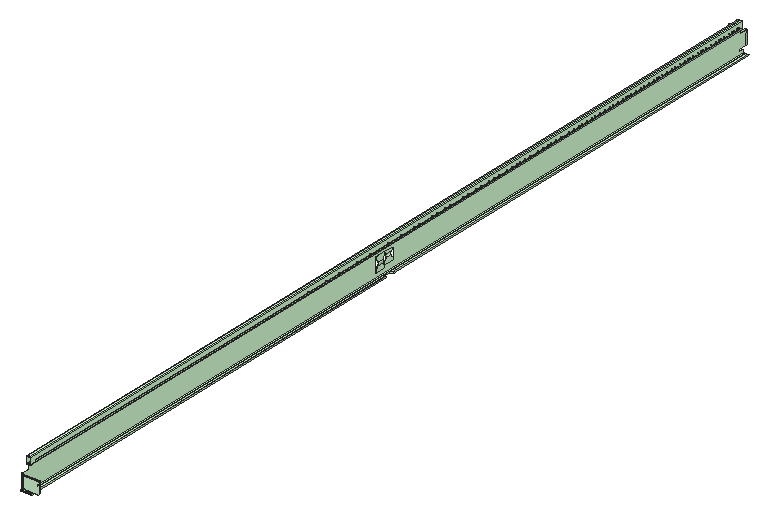
Revit family "et4015_maincross_600", category 機械設備, Revit 2022
Family settings
  丸型コネクタ寸法 = 直径を使用
  種別 = なし
  パーツ タイプ = 標準
  作業面ベース = いいえ
  常に垂直 = はい
  ロード時にボイドで切り取り = いいえ
  注釈の向きを維持 = いいえ
  共有 = いいえ
  部屋計算ポイント = いいえ
Parameters
  製造元 = "株式会社桐井製作所"
  既定の高さ = 0 mm
  URL = "https://www.kirii.co.jp/"
  K_長さ(mm) = 1200 mm
  K_材質 = "溶融亜鉛めっき鋼板及び鋼帯SGCC 一般用　カラー鋼板"
  K_品名 = "eTバー4015メインクロス(600グリッド用)"
  K_名称 = "Tバー"
  K_入数 = "40"
  K_バージョン情報 = "20220411"
  K_めっき付着量 = "JIS G 3302 Z12、カラー鋼板　塗装膜厚20μ(白色)"
  K_JIS規格 = "JIS G 3302"
Reference planes
  plane 1 "中心(正面/背面)": y = 0
  plane 2: z = 0
  plane 3 "中心(左/右)": x = 0
  plane 4: y = 1200
Forms (mm)
  Extrusion 1, solid
    sketch origin (0, -1320, 7.1) x (-1, 0, 0) y (0, 0, 1)
      loop
        arc (0.4, 24.899) -> (0.715, 25.363) -> (1.263, 25.242) r 0.5
        arc (1.263, 25.242) -> (1.627, 24.916) -> (2.1, 24.799) r 1.011
        arc (2.1, 24.799) -> (2.736, 25.062) -> (3, 25.699) r 0.9
        line (3, 25.699) -> (3, 33.799)
        arc (3, 33.799) -> (2.473, 34.679) -> (1.448, 34.633) r 1
        line (1.448, 34.633) -> (0, 33.681) -> (-1.448, 34.633)
        arc (-1.448, 34.633) -> (-2.473, 34.679) -> (-3, 33.799) r 1
        line (-3, 33.799) -> (-3, 25.699)
        arc (-3, 25.699) -> (-2.736, 25.062) -> (-2.1, 24.799) r 0.9
        arc (-2.1, 24.799) -> (-1.627, 24.916) -> (-1.263, 25.242) r 1.011
        arc (-1.263, 25.242) -> (-0.715, 25.363) -> (-0.4, 24.899) r 0.5
        line (-0.4, 24.899) -> (-0.4, -5.442)
        arc (-0.4, -5.442) -> (-0.717, -6.207) -> (-1.483, -6.525) r 1.083
        line (-1.483, -6.525) -> (-4, -6.26) -> (-5.807, -6.26) -> (-6.519, -5.891)
        arc (-6.519, -5.891) -> (-7.477, -6.278) -> (-6.85, -7.1) r 0.65
        line (-6.85, -7.1) -> (6.85, -7.1)
        arc (6.85, -7.1) -> (7.477, -6.278) -> (6.519, -5.891) r 0.65
        line (6.519, -5.891) -> (5.807, -6.26) -> (4, -6.26) -> (1.483, -6.525)
        arc (1.483, -6.525) -> (0.717, -6.207) -> (0.4, -5.441) r 1.083
        line (0.4, -5.441) -> (0.4, 24.899)
      loop
        arc (-1.668, 34.298) -> (-2.283, 34.327) -> (-2.6, 33.799) r 0.6
        line (-2.6, 33.799) -> (-2.6, 25.699)
        arc (-2.6, 25.699) -> (-2.302, 25.241) -> (-1.763, 25.329) r 0.5
        line (-1.763, 25.329) -> (-1.063, 25.784)
        arc (-1.063, 25.784) -> (-0.324, 25.59) -> (0, 24.899) r 0.9
        arc (0, 24.899) -> (0.324, 25.59) -> (1.063, 25.784) r 0.9
        line (1.063, 25.784) -> (1.763, 25.329)
        arc (1.763, 25.329) -> (2.302, 25.241) -> (2.6, 25.699) r 0.5
        line (2.6, 25.699) -> (2.6, 33.799)
        arc (2.6, 33.799) -> (2.283, 34.327) -> (1.668, 34.298) r 0.6
        line (1.668, 34.298) -> (0.549, 33.563)
        arc (0.549, 33.563) -> (0, 33.399) -> (-0.549, 33.563) r 1
        line (-0.549, 33.563) -> (-1.668, 34.298)
    from 1320 to 2520
  Extrusion 2, void
    sketch origin (0.4, 300, 31.85) x (0, 0, 1) y (0, 1, 0)
      loop
        line (-5.5, 284.4) -> (-5.5, 315.6) -> (-23.1, 315.6) -> (-23.1, 284.4) -> (-5.5, 284.4)
    from 0 to 0.8
  Extrusion 3, void
    sketch origin (0, 2112.859, 0) x (-1, 0, 0) y (0, -1, 0)
      loop
        line (8.021, 1505.493) -> (8.021, 1520.226) -> (3.318, 1516.682) -> (3.318, 1509.037) -> (8.021, 1505.493)
    from 0 to 1.552
  Extrusion 4, void
    sketch origin (0, 2112.859, 0) x (1, 0, 0) y (0, 1, 0)
      loop
        line (8.021, -1505.493) -> (3.318, -1509.037) -> (3.318, -1516.682) -> (8.021, -1520.226) -> (8.021, -1505.493)
    from 0 to 1.552
  Extrusion 5, void
    sketch origin (0, 0, 0) x (0, 1, 0) y (0, 0, 1)
      loop
        line (5, 41.941) -> (0, 41.941) -> (0, 25.737) -> (5, 25.737) -> (5, 41.941)
    from -3 to 3
  Extrusion 6, solid
    sketch origin (-0.114, 0, 16.166) x (1, 0, 0) y (0, 1, 0)
      loop
        line (24.214, -7.2) -> (24.214, -6.4) -> (1.714, -6.4)
        arc (1.714, -6.4) -> (0.866, -6.049) -> (0.514, -5.2) r 1.2
        line (0.514, -5.2) -> (0.514, 0) -> (-0.286, 0) -> (-0.286, -5.2)
        arc (-0.286, -5.2) -> (0.3, -6.614) -> (1.714, -7.2) r 2
        line (1.714, -7.2) -> (24.214, -7.2)
    from -8.266 to 9.571
  Extrusion 7, void
    sketch origin (0, 0, -7.234) x (1, 0, 0) y (0, 0, 1)
      loop
        line (24.1, 26.599) -> (24.1, 28.599) -> (21.1, 28.599) -> (21.1, 26.599) -> (24.1, 26.599)
    from 6.4 to 7.2
  Extrusion 8, void
    sketch origin (0, 0, 0) x (0, 1, 0) y (0, 0, 1)
      loop
        line (6.9, 7.833) -> (0, 7.833) -> (0, 4.833) -> (6.9, 4.833) -> (6.9, 7.833)
    from -0.4 to 0.4
  Extrusion 9, void
    sketch origin (0, 1200, 0) x (0, -1, 0) y (0, 0, -1)
      loop
        line (5, -41.941) -> (5, -25.737) -> (0, -25.737) -> (0, -41.941) -> (5, -41.941)
    from -3 to 3
  Extrusion 10, void
    sketch origin (0, 1200, 0) x (0, -1, 0) y (0, 0, -1)
      loop
        line (6.9, -7.833) -> (6.9, -4.833) -> (0, -4.833) -> (0, -7.833) -> (6.9, -7.833)
    from -0.4 to 0.4
  Extrusion 11, solid
    sketch origin (0.114, 1200, 16.166) x (-1, 0, 0) y (0, -1, 0)
      loop
        line (24.214, -7.2) -> (24.214, -6.4) -> (1.714, -6.4)
        arc (1.714, -6.4) -> (0.866, -6.049) -> (0.514, -5.2) r 1.2
        line (0.514, -5.2) -> (0.514, 0) -> (-0.286, 0) -> (-0.286, -5.2)
        arc (-0.286, -5.2) -> (0.3, -6.614) -> (1.714, -7.2) r 2
        line (1.714, -7.2) -> (24.214, -7.2)
    from -8.266 to 9.571
  Extrusion 12, void
    sketch origin (0, 1200, -7.234) x (-1, 0, 0) y (0, 0, 1)
      loop
        line (24.1, 26.599) -> (24.1, 28.599) -> (21.1, 28.599) -> (21.1, 26.599) -> (24.1, 26.599)
    from 6.4 to 7.2
  Extrusion 13, void
    sketch origin (0, 1200, -8.099) x (-1, 0, 0) y (0, 0, 1)
      loop
        line (24.1, 15.999) -> (24.1, 17.999)
        arc (24.1, 17.999) -> (23.231, 17.237) -> (22.1, 16.999) r 2.28
        line (22.1, 16.999) -> (2.6, 16.999) -> (2.6, 15.999) -> (24.1, 15.999)
    from 6.4 to 7.2
  Extrusion 14, void
    sketch origin (0, 1213.6, -7.396) x (-1, 0, 0) y (0, 0, -1)
      loop
        line (2.6, -31.999) -> (2.6, -33.134) -> (24.1, -33.134) -> (24.1, -30.999)
        arc (24.1, -30.999) -> (23.807, -31.706) -> (23.1, -31.999) r 1
        line (23.1, -31.999) -> (2.6, -31.999)
    from 6.4 to 7.2
  Extrusion 15, void
    sketch origin (0, -13.6, -8.031) x (1, 0, 0) y (0, 0, -1)
      loop
        line (24.1, -15.931) -> (2.6, -15.931) -> (2.6, -16.999) -> (22.1, -16.999)
        arc (22.1, -16.999) -> (23.231, -17.237) -> (24.1, -17.999) r 2.28
        line (24.1, -17.999) -> (24.1, -15.931)
    from 6.4 to 7.2
  Extrusion 16, void
    sketch origin (0, -0.8, -7.396) x (1, 0, 0) y (0, 0, 1)
      loop
        line (2.6, 31.999) -> (23.1, 31.999)
        arc (23.1, 31.999) -> (23.807, 31.706) -> (24.1, 30.999) r 1
        line (24.1, 30.999) -> (24.1, 33.134) -> (2.6, 33.134) -> (2.6, 31.999)
    from 5.6 to 6.4
  Extrusion 17, void
    sketch origin (0.4, 318.192, 32.162) x (0, 0, 1) y (0, 1, 0)
      loop
        line (-19.9, 284.4) -> (-8.7, 284.4)
        arc (-8.7, 284.4) -> (-14.3, 287.9) -> (-19.9, 284.4) r 6.23
      loop
        line (-8.7, 297.4) -> (-19.9, 297.4)
        arc (-19.9, 297.4) -> (-14.3, 293.9) -> (-8.7, 297.4) r 6.23
    from 1.2 to 3.447
  Extrusion 18, solid
    sketch origin (0.081, 318.2, -6.51) x (1, 0, 0) y (0, 0, 1)
      loop
        line (-0.387, 33.66) -> (-2.087, 33.66) -> (-2.087, 26.56)
        arc (-2.087, 26.56) -> (-3.087, 24.26) -> (-2.088, 21.96) r 3.145
        line (-2.088, 21.96) -> (-2.087, 14.46) -> (-0.387, 14.46) -> (-0.387, 15.26) -> (-1.487, 15.26) -> (-1.487, 22.238)
        arc (-1.487, 22.238) -> (-2.487, 24.267) -> (-1.476, 26.291) r 2.545
        line (-1.476, 26.291) -> (-1.476, 32.86) -> (-0.387, 32.86) -> (-0.387, 33.66)
    from -297.4 to -284.4
  Extrusion 19, solid
    sketch origin (-0.081, 300, -6.51) x (-1, 0, 0) y (0, 0, -1)
      loop
        line (-0.387, -33.66) -> (-0.387, -32.86) -> (-1.476, -32.86) -> (-1.476, -26.291)
        arc (-1.476, -26.291) -> (-2.487, -24.267) -> (-1.487, -22.238) r 2.545
        line (-1.487, -22.238) -> (-1.487, -15.26) -> (-0.387, -15.26) -> (-0.387, -14.46) -> (-2.087, -14.46) -> (-2.088, -21.96)
        arc (-2.088, -21.96) -> (-3.087, -24.26) -> (-2.087, -26.56) r 3.145
        line (-2.087, -26.56) -> (-2.087, -33.66) -> (-0.387, -33.66)
    from -297.4 to -284.4
  Extrusion 20, void
    sketch origin (-0.4, 299.992, 32.163) x (0, 0, 1) y (0, -1, 0)
      loop
        arc (-19.9, -284.4) -> (-14.3, -287.9) -> (-8.7, -284.4) r 6.23
        line (-8.7, -284.4) -> (-19.9, -284.4)
      loop
        arc (-8.7, -297.4) -> (-14.3, -293.9) -> (-19.9, -297.4) r 6.23
        line (-19.9, -297.4) -> (-8.7, -297.4)
    from 1.235 to 3.447
Cuts and joins
  Extrusion 2, Extrusion 3, Extrusion 4, Extrusion 5, Extrusion 8, Extrusion 9, Extrusion 10, Extrusion 14, Extrusion 15, Extrusion 16 cuts Extrusion 1
  Extrusion 7, Extrusion 14, Extrusion 15, Extrusion 16 cuts Extrusion 6
  Extrusion 12, Extrusion 13, Extrusion 14, Extrusion 15, Extrusion 16 cuts Extrusion 11
  Extrusion 17 cuts Extrusion 18
  Extrusion 20 cuts Extrusion 19
  joined: Extrusion 1, Extrusion 6, Extrusion 11, Extrusion 18, Extrusion 19
Dimensions and locks
  plane 4 to plane 1 "中心(正面/背面)" = 1200 mm
  aligned and locked: level to plane 2
  aligned and locked: plane 4 to Extrusion 1
